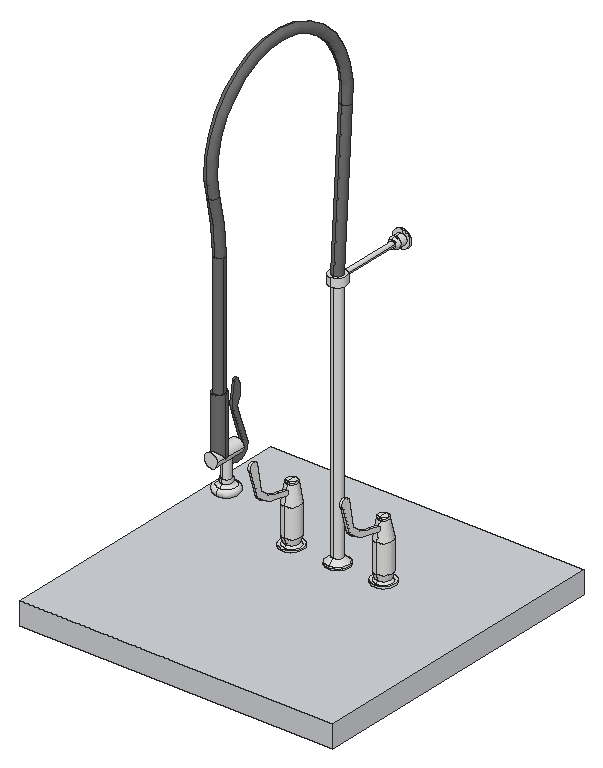
Revit family
Parameters (values of type "TF83HJS")
  WELSRating_ANZRS = "6 star"
  URL = "www.galvinengineering.com.au"
  Type Comments = "Ezy-Wash Pre-Rinse"
  StyleOrType_ANZRS = "Plumbing Fixture"
  PlumbingMaterial_ANZRS = Metal_Taps_DR-Brass-with-Chrome-Finish_10800
  Outlet = "1000mm long high pressure hose with swivel ends"
  ModifiedIssue_ANZRS = 20120721.01  # constant formula
  Model = "TF83HJS"
  Manufacturer = "Galvin Engineering"
  Keynote = "15400"
  Instructions = "http://www.galvinengineering.com.au/Installation_Guides_1.aspx"
  Inlet = "15mm BSP Male"
  FlowRate = 0.075 L/s
  FlexibleHoseMaterial = Rubber_Taps_Black-with-Spring_10800
  FilterObject_ANZRS = "Ezy-Wash"
  DimInletRadius = 7.5 mm  # constant formula
  DimHeight = 1140 mm  # constant formula
  DimAdjustableLength [instance] = 180 mm
  Description = "Hob Mounted Pre-Rinse Exposed Mixing Unit Type 83H"
  Default Elevation = 900 mm
  CreatedBy_ANZRS = "Galvin Engineering"
  CreatedByURL_ANZRS = "www.galvinengineering.com.au"
  CreatedByPhoneNo_ANZRS = "61-8-92495900"
  Assembly Code = "D2010"
Reference planes
  plane 1 "Back": y = 0
  plane 2 "Face": z = 0
  plane 3 "Center (Left/Right)": x = 0
  plane 4 "Top": z = 1140
  plane 5 "CutLength": y = 180
  plane 6: y = 152.411
  plane 7 "Front": y = -310.475
  plane 8 "Left": x = -102.5
  plane 9 "Right": x = 102.5
  plane 10: z = 280
Forms (mm)
  Extrusion 1, solid
    sketch origin (0, -719.2, 0) x (1, 0, 0) y (0, 1, 0)
      loop
        line (-350, 969.2) -> (-350, 269.2) -> (350, 269.2) -> (350, 969.2) -> (-350, 969.2)
    from 0 to -50
  Revolve 2, solid, material "Metal_Taps_DR-Brass-with-Chrome-Finish_10800" <- "PlumbingMaterial_ANZRS"
    sketch origin (0, 0, 0) x (0, 1, 0) y (0, 0, 1)
      loop
        line (0, 580.451) -> (-19, 580.451) -> (-19, 562.451) -> (-11.1, 562.451) -> (-11.1, 14.3) -> (-12.2, 14.3) -> (-24.082, 4.295)
        arc (-24.082, 4.295) -> (-24.87, 3.266) -> (-25.15, 2) r 3
        line (-25.15, 2) -> (-25.15, 0) -> (0, 0) -> (0, 580.451)
      axis (0, 580.451) -> (0, 0)
    angle from 0 to 360
  Revolve 3, solid, material "Metal_Taps_DR-Brass-with-Chrome-Finish_10800" <- "PlumbingMaterial_ANZRS"
    sketch origin (-102.5, 0, 0) x (0, 0, -1) y (0, -1, 0)
      loop
        line (-86.013, -19.05) -> (-22.175, -19.05) -> (-8, -15) -> (-3, -19) -> (-3, -25.4) -> (0, -25.4) -> (0, 0) -> (-132.978, 0)
        arc (-132.978, 0) -> (-132.706, -5.074) -> (-131.894, -10.089) r 47.506
        line (-131.894, -10.089) -> (-130.013, -11.5) -> (-128.013, -11.5) -> (-86.013, -19.05)
      axis (-132.978, 0) -> (0, 0)
    angle from 0 to 360
  Extrusion 4, solid, material "Metal_Taps_DR-Brass-with-Chrome-Finish_10800" <- "PlumbingMaterial_ANZRS"
    sketch origin (-102.5, 0, 33.75) x (0, 0, -1) y (0, -1, 0)
      loop
        arc (-116.164, 89.621) -> (-97.665, 66.141) -> (-88.739, 37.613) r 82.557
        line (-88.739, 37.613) -> (-81.485, 3.488) -> (-70.653, 5.435) -> (-79.077, 45.064)
        arc (-79.077, 45.064) -> (-87.612, 73.542) -> (-104.654, 97.903) r 93.519
        line (-104.654, 97.903) -> (-164.94, 116.838)
        arc (-164.94, 116.838) -> (-178.427, 113.972) -> (-175.56, 100.484) r 9.75
        line (-175.56, 100.484) -> (-116.164, 89.621)
    from -2.5 to 2.5
  Revolve 5, solid, material "Metal_Taps_DR-Brass-with-Chrome-Finish_10800" <- "PlumbingMaterial_ANZRS"
    sketch origin (0, 182.495, 38.919) x (0, 0, 1) y (0, -1, 0)
      loop
        line (532.575, 30.084) -> (523.865, 30.084) -> (520.575, 21.522) -> (520.575, 4.495) -> (512.575, 4.495) -> (512.575, 2.495) -> (532.575, 2.495) -> (532.575, 30.084)
      axis (532.575, 30.084) -> (532.575, 2.495)
    angle from 0 to 360
  Extrusion 6, solid, material "Metal_Taps_DR-Brass-with-Chrome-Finish_10800" <- "PlumbingMaterial_ANZRS"
    sketch origin (0, -573.749, 505.449) x (1, 0, 0) y (0, 0, -1)
      loop
        circle (0, -66.426) r 5
    from 573.749 to 726.16
  Revolve 7, solid, material "Metal_Taps_DR-Brass-with-Chrome-Finish_10800" <- "PlumbingMaterial_ANZRS"
    sketch origin (102.5, 0, 0) x (0, 0, -1) y (0, -1, 0)
      loop
        line (-86.013, -19.05) -> (-22.175, -19.05) -> (-8, -15) -> (-3, -19) -> (-3, -25.4) -> (0, -25.4) -> (0, 0) -> (-132.978, 0)
        arc (-132.978, 0) -> (-132.706, -5.074) -> (-131.894, -10.089) r 47.506
        line (-131.894, -10.089) -> (-130.013, -11.5) -> (-128.013, -11.5) -> (-86.013, -19.05)
      axis (-132.978, 0) -> (0, 0)
    angle from 0 to 360
  Extrusion 8, solid, material "Metal_Taps_DR-Brass-with-Chrome-Finish_10800" <- "PlumbingMaterial_ANZRS"
    sketch origin (102.5, 0, 0) x (0, 0, -1) y (0, 1, 0)
      loop
        line (-149.914, -89.621) -> (-209.31, -100.484)
        arc (-209.31, -100.484) -> (-212.177, -113.972) -> (-198.69, -116.838) r 9.75
        line (-198.69, -116.838) -> (-138.404, -97.903)
        arc (-138.404, -97.903) -> (-121.362, -73.542) -> (-112.827, -45.064) r 93.519
        line (-112.827, -45.064) -> (-104.403, -5.435) -> (-115.235, -3.488) -> (-122.489, -37.613)
        arc (-122.489, -37.613) -> (-131.415, -66.141) -> (-149.914, -89.621) r 82.557
    from -2.5 to 2.5
  Revolve 9, solid, material "Metal_Taps_DR-Brass-with-Chrome-Finish_10800" <- "PlumbingMaterial_ANZRS"
    sketch origin (0, 76, -166.022) x (0, 0, 1) y (0, -1, 0)
      loop
        line (475.022, 398.475) -> (468.022, 398.475)
        arc (468.022, 398.475) -> (462.365, 400.818) -> (460.022, 406.475) r 8
        arc (460.022, 406.475) -> (453.022, 413.475) -> (446.022, 406.475) r 7
        line (446.022, 406.475) -> (446.022, 386.475) -> (526.522, 386.475) -> (526.522, 395.725) -> (475.022, 395.725) -> (475.022, 398.475)
      axis (526.522, 386.475) -> (446.022, 386.475)
    angle from 0 to 360
  Extrusion 10, solid, material "Metal_Taps_DR-Brass-with-Chrome-Finish_10800" <- "PlumbingMaterial_ANZRS"
    sketch origin (0, 320.428, 426.926) x (1, 0, 0) y (0, 0, 1)
      loop
        circle (0, -66.426) r 15
    from 601.678 to 673.678
  Extrusion 11, solid, material "Rubber_Taps_Black_10800"
    sketch origin (0, 76.937, -167.522) x (0, 0, 1) y (0, -1, 0)
      loop
        arc (627.956, 372.705) -> (613.482, 373.415) -> (599.326, 370.32) r 55
        line (599.326, 370.32) -> (532.028, 345.957)
        arc (532.028, 345.957) -> (518.289, 346.32) -> (511.522, 358.283) r 13.957
        line (511.522, 358.283) -> (511.522, 378.095) -> (491.645, 378.095)
        arc (491.645, 378.095) -> (497.617, 375.265) -> (498.15, 368.678) r 6.607
        arc (498.15, 368.678) -> (502.572, 340.003) -> (530.803, 333.309) r 25.979
        line (530.803, 333.309) -> (598.627, 358.859)
        arc (598.627, 358.859) -> (609.29, 360.397) -> (619.611, 357.306) r 25
        arc (619.611, 357.306) -> (641.346, 352.239) -> (662.465, 359.455) r 40.5
        arc (662.465, 359.455) -> (664.088, 363.585) -> (660.899, 366.672) r 4
        line (660.899, 366.672) -> (627.956, 372.705)
    from -2.5 to 2.5
  Extrusion 12, solid, material "Rubber_Taps_Black_10800"
    sketch origin (0, 0, -56.5) x (1, 0, 0) y (0, 1, 0)
      loop
        circle (0, -330.783) r 15
    from 417 to 545.7
  Extrusion 13, solid, material "Rubber_Taps_Black_10800"
    sketch origin (0, 0, -56.5) x (1, 0, 0) y (0, 1, 0)
      loop
        circle (0, -330.783) r 11.1
    from 545.7 to 819.023
  Sweep 14, solid, material "Rubber_Taps_Black-with-Spring_10800" <- "FlexibleHoseMaterial"
    path origin (0, 76, 104.187) x (0, 0, 1) y (0, -1, 0)
      loop
        arc (658.335, 406.783) -> (721.983, 411.136) -> (784.446, 424.115) r 467.457
        arc (784.446, 424.115) -> (1025.004, 253.639) -> (808.411, 53.595) r 189.76
        arc (808.411, 53.595) -> (642.766, 71.138) -> (476.264, 75.893) r 2165
    profile origin (0, -177.639, 1129.191) x (0, -0.064543, 0.997915) y (1, 0, 0)
      loop
        circle (0, 0) r 11.1
Cuts and joins
  joined: Revolve 9, Extrusion 10
  joined: Revolve 2, Extrusion 6
Dimensions and locks
  "DimHeight": plane 4 "Top" to plane 2 "Face"
  "DimAdjustableLength": plane 5 "CutLength" to plane 1 "Back"
  locked: plane 5 "CutLength" to plane 6 at 27.589
  locked: plane 1 "Back" to plane 7 "Front" at 310.475
  locked: plane 8 "Left" to plane 9 "Right" at 205
  locked: plane 2 "Face" to plane 10 at 280
  aligned and locked: plane 2 "Face" to Extrusion 1
  aligned and locked: level to Extrusion 1
Automatic sketch dimensions
  Extrusion 1 sketch curve to Extrusion 1 sketch curve = 700 mm  (x2)
  Revolve 3 sketch curve to plane 1 "Back" = 0 mm  (x2)
  Revolve 3 sketch curve to level = 0 mm
  level to Revolve 3 sketch curve = 3 mm
  Revolve 3 sketch curve to Revolve 3 sketch curve = 5 mm
  Revolve 3 sketch curve to Revolve 3 sketch curve = 14.983 mm
  Revolve 3 sketch curve to Revolve 3 sketch curve = 14.175 mm
  Revolve 3 sketch curve to Revolve 3 sketch curve = 63.297 mm
  Revolve 3 sketch curve to Revolve 3 sketch curve = 0.542 mm
  Revolve 3 sketch curve to plane 1 "Back" = 11.5 mm
  Revolve 3 sketch curve to Revolve 3 sketch curve = 42 mm
  Revolve 3 sketch curve to Revolve 3 sketch curve = 2 mm
  Revolve 3 sketch curve to Revolve 3 sketch curve = 1.881 mm
  Revolve 3 sketch curve to Revolve 3 sketch curve = 1.084 mm
  Revolve 3 sketch curve to level = 94.804 mm
  Revolve 3 sketch curve to plane 1 "Back" = 15 mm
  Revolve 3 sketch curve to Revolve 3 sketch curve = 4 mm
  Revolve 3 sketch curve to Revolve 3 sketch curve = 4.05 mm
  Revolve 3 sketch curve to Revolve 3 sketch curve = 6.4 mm
  plane 10 to Extrusion 4 sketch curve = 70.69 mm
  plane 1 "Back" to Extrusion 4 sketch curve = 32.797 mm
  Extrusion 4 sketch curve to Extrusion 4 sketch curve = 3.773 mm
  Extrusion 4 sketch curve to Extrusion 4 sketch curve = 1.098 mm
  Extrusion 4 sketch curve to Extrusion 4 sketch curve = 5.31 mm  (x2)
  Extrusion 4 sketch curve to Extrusion 4 sketch curve = 48.775 mm
  Extrusion 4 sketch curve to Extrusion 4 sketch curve = 11.511 mm
  plane 1 "Back" to Extrusion 4 sketch curve = 37.613 mm
  Extrusion 4 sketch curve to Extrusion 4 sketch curve = 27.426 mm
  plane 1 "Back" to Extrusion 4 sketch curve = 3.488 mm
  Extrusion 4 sketch curve to Extrusion 4 sketch curve = 7.253 mm
  Extrusion 4 sketch curve to Extrusion 4 sketch curve = 9.662 mm
  plane 1 "Back" to Extrusion 4 sketch curve = 5.435 mm
  Extrusion 4 sketch curve to Extrusion 4 sketch curve = 10.832 mm
  Extrusion 4 sketch curve to Extrusion 4 sketch curve = 5.164 mm
  Extrusion 4 sketch curve to Extrusion 4 sketch curve = 7.451 mm
  Extrusion 4 sketch curve to Extrusion 4 sketch curve = 10.863 mm
  Extrusion 4 sketch curve to Extrusion 4 sketch curve = 8.177 mm
  Revolve 5 sketch curve to plane 5 "CutLength" = 0 mm
  Revolve 5 sketch curve to plane 6 = 0 mm
  Revolve 5 sketch curve to plane 10 = 271.494 mm
  Revolve 5 sketch curve to plane 5 "CutLength" = 2 mm
  Revolve 5 sketch curve to Revolve 5 sketch curve = 8 mm
  Revolve 5 sketch curve to Revolve 5 sketch curve = 3.29 mm
  Revolve 5 sketch curve to Revolve 5 sketch curve = 8.71 mm
  Revolve 5 sketch curve to Revolve 5 sketch curve = 0 mm
  Revolve 5 sketch curve to Revolve 5 sketch curve = 8.344 mm
  Revolve 5 sketch curve to plane 6 = 12.589 mm
  Revolve 5 sketch curve to plane 6 = 8.562 mm
  Extrusion 6 sketch curve to plane 3 "Center (Left/Right)" = 0 mm
  Extrusion 6 sketch curve to plane 10 = 291.875 mm
  Revolve 7 sketch curve to plane 1 "Back" = 0 mm  (x2)
  Revolve 7 sketch curve to level = 0 mm
  Revolve 7 sketch curve to level = 3 mm
  Revolve 7 sketch curve to Revolve 7 sketch curve = 5 mm
  Revolve 7 sketch curve to level = 14.983 mm
  Revolve 7 sketch curve to Revolve 7 sketch curve = 14.175 mm
  Revolve 7 sketch curve to Revolve 7 sketch curve = 63.297 mm
  Revolve 7 sketch curve to Revolve 7 sketch curve = 0.542 mm
  plane 1 "Back" to Revolve 7 sketch curve = 11.5 mm
  Revolve 7 sketch curve to Revolve 7 sketch curve = 42 mm
  Revolve 7 sketch curve to Revolve 7 sketch curve = 2 mm
  Revolve 7 sketch curve to Revolve 7 sketch curve = 1.881 mm
  Revolve 7 sketch curve to Revolve 7 sketch curve = 1.084 mm
  Revolve 7 sketch curve to Revolve 7 sketch curve = 94.804 mm
  plane 1 "Back" to Revolve 7 sketch curve = 15 mm
  Revolve 7 sketch curve to Revolve 7 sketch curve = 4 mm
  Revolve 7 sketch curve to Revolve 7 sketch curve = 4.05 mm
  Revolve 7 sketch curve to Revolve 7 sketch curve = 6.4 mm
  Extrusion 8 sketch curve to plane 10 = 70.69 mm
  Extrusion 8 sketch curve to plane 1 "Back" = 32.797 mm
  Extrusion 8 sketch curve to Extrusion 8 sketch curve = 3.773 mm
  Extrusion 8 sketch curve to Extrusion 8 sketch curve = 1.098 mm
  Extrusion 8 sketch curve to Extrusion 8 sketch curve = 5.31 mm  (x2)
  Extrusion 8 sketch curve to Extrusion 8 sketch curve = 48.775 mm
  Extrusion 8 sketch curve to Extrusion 8 sketch curve = 11.511 mm
  Extrusion 8 sketch curve to plane 1 "Back" = 37.613 mm
  Extrusion 8 sketch curve to Extrusion 8 sketch curve = 27.426 mm
  Extrusion 8 sketch curve to plane 1 "Back" = 3.488 mm
  Extrusion 8 sketch curve to Extrusion 8 sketch curve = 7.253 mm
  Extrusion 8 sketch curve to Extrusion 8 sketch curve = 9.662 mm
  Extrusion 8 sketch curve to plane 1 "Back" = 5.435 mm
  Extrusion 8 sketch curve to Extrusion 8 sketch curve = 10.832 mm
  Extrusion 8 sketch curve to Extrusion 8 sketch curve = 5.164 mm
  Extrusion 8 sketch curve to Extrusion 8 sketch curve = 7.451 mm
  Extrusion 8 sketch curve to Extrusion 8 sketch curve = 10.863 mm
  Extrusion 8 sketch curve to Extrusion 8 sketch curve = 8.177 mm
  Revolve 9 sketch curve to plane 7 "Front" = 0 mm  (x2)
  plane 10 to Revolve 9 sketch curve = 0 mm
  Revolve 9 sketch curve to Revolve 9 sketch curve = 15 mm
  Revolve 9 sketch curve to Revolve 9 sketch curve = 7 mm  (x2)
  Revolve 9 sketch curve to Revolve 9 sketch curve = 0 mm
  Revolve 9 sketch curve to Revolve 9 sketch curve = 8 mm
  Revolve 9 sketch curve to Revolve 9 sketch curve = 6 mm
  Revolve 9 sketch curve to Revolve 9 sketch curve = 45.5 mm
  plane 7 "Front" to Revolve 9 sketch curve = 9.25 mm
  Revolve 9 sketch curve to Revolve 9 sketch curve = 2.75 mm
  Extrusion 10 sketch curve to plane 3 "Center (Left/Right)" = 0 mm
  Extrusion 10 sketch curve to plane 10 = 80.5 mm
  Extrusion 11 sketch curve to plane 7 "Front" = 9.317 mm
  Extrusion 11 sketch curve to plane 10 = 44.123 mm
  Extrusion 11 sketch curve to Extrusion 11 sketch curve = 0.536 mm
  Extrusion 11 sketch curve to Extrusion 11 sketch curve = 5.969 mm
  Extrusion 11 sketch curve to Extrusion 11 sketch curve = 13.372 mm
  Extrusion 11 sketch curve to Extrusion 11 sketch curve = 10.139 mm
  Extrusion 11 sketch curve to Extrusion 11 sketch curve = 3.819 mm
  Extrusion 11 sketch curve to plane 7 "Front" = 54.104 mm
  Extrusion 11 sketch curve to Extrusion 11 sketch curve = 5.324 mm
  Extrusion 11 sketch curve to Extrusion 11 sketch curve = 1.225 mm
  Extrusion 11 sketch curve to plane 7 "Front" = 28.554 mm
  Extrusion 11 sketch curve to Extrusion 11 sketch curve = 66.6 mm
  Extrusion 11 sketch curve to plane 7 "Front" = 17.093 mm
  Extrusion 11 sketch curve to Extrusion 11 sketch curve = 0.699 mm
  Extrusion 11 sketch curve to Extrusion 11 sketch curve = 8.819 mm
  Extrusion 11 sketch curve to Extrusion 11 sketch curve = 10.602 mm
  Extrusion 11 sketch curve to Extrusion 11 sketch curve = 20.983 mm
  Extrusion 11 sketch curve to Extrusion 11 sketch curve = 0 mm
  Extrusion 11 sketch curve to plane 7 "Front" = 14.708 mm
  Extrusion 11 sketch curve to Extrusion 11 sketch curve = 8.345 mm
  plane 7 "Front" to Extrusion 11 sketch curve = 5.276 mm
  Extrusion 11 sketch curve to Extrusion 11 sketch curve = 11.362 mm
  Extrusion 11 sketch curve to Extrusion 11 sketch curve = 32.223 mm
  Extrusion 11 sketch curve to plane 7 "Front" = 20.741 mm
  Extrusion 11 sketch curve to Extrusion 11 sketch curve = 0.721 mm
  Extrusion 11 sketch curve to Extrusion 11 sketch curve = 2.286 mm
  Extrusion 11 sketch curve to Extrusion 11 sketch curve = 12.648 mm
  Extrusion 11 sketch curve to Extrusion 11 sketch curve = 0.657 mm
  Extrusion 12 sketch curve to plane 3 "Center (Left/Right)" = 0 mm
  plane 7 "Front" to Extrusion 12 sketch curve = 20.308 mm
  Extrusion 13 sketch curve to plane 3 "Center (Left/Right)" = 0 mm
  plane 7 "Front" to Extrusion 13 sketch curve = 20.308 mm
  Sweep 14 sketch curve to profile plane = 0 mm  (x2)
  Sweep 14 sketch curve to plane 1 "Back" = 0.107 mm
  Sweep 14 sketch curve to plane 10 = 300.451 mm
  Sweep 14 sketch curve to plane 10 = 321.936 mm
  plane 7 "Front" to Sweep 14 sketch curve = 20.308 mm
  Sweep 14 sketch curve to plane 4 "Top" = 377.478 mm
  plane 7 "Front" to Sweep 14 sketch curve = 37.64 mm
  Sweep 14 sketch curve to Sweep 14 sketch curve = 126.111 mm
  Sweep 14 sketch curve to Sweep 14 sketch curve = 0 mm
  Sweep 14 sketch curve to plane 1 "Back" = 22.405 mm
  Sweep 14 sketch curve to Sweep 14 sketch curve = 332.147 mm
  Revolve 2 sketch curve to level = 0 mm
  Revolve 2 sketch curve to plane 1 "Back" = 0 mm  (x2)
  plane 1 "Back" to Revolve 2 sketch curve = 12.2 mm
  Revolve 2 sketch curve to Revolve 2 sketch curve = 7.9 mm
  level to Revolve 2 sketch curve = 2 mm
  Revolve 2 sketch curve to Revolve 2 sketch curve = 11.05 mm
  level to Revolve 2 sketch curve = 4.295 mm
  Revolve 2 sketch curve to Revolve 2 sketch curve = 1.932 mm
  plane 1 "Back" to Revolve 2 sketch curve = 11.1 mm
  Revolve 2 sketch curve to level = 20 mm
  Revolve 2 sketch curve to Revolve 2 sketch curve = 2 mm
  level to Revolve 2 sketch curve = 14.3 mm
  Revolve 2 sketch curve to plane 10 = 282.451 mm
  Revolve 2 sketch curve to Revolve 2 sketch curve = 18 mm
  radius of Extrusion 6 sketch curve = 5 mm
  radius of Extrusion 10 sketch curve = 15 mm
  radius of Extrusion 12 sketch curve = 15 mm
  radius of Extrusion 13 sketch curve = 11.1 mm
  radius of Sweep 14 sketch curve = 11.1 mm
Connectors
  piping at (-102.5, 0, 0), driven by "FlowRate", driven by "DimInletRadius"
    settings: on Revolve 3, index 1, connector radius 0.29528", flow factor 0, pipe flow 0.075 L/s, pressure drop 0.00 psi, fitting loss kfactor 0, connector angle 0.00°, fixture units 0, flow configuration 1, flow direction 1, fitting loss method 4, system type 19, connector reference index -1, connector utility 0, adjustable connector no, is connector primary yes, fitting loss table "", connector description "Inlet"
  piping at (102.5, 0, 0), driven by "FlowRate", driven by "DimInletRadius"
    settings: on Revolve 7, index 2, connector radius 0.29528", flow factor 0, pipe flow 0.075 L/s, pressure drop 0.00 psi, fitting loss kfactor 0, connector angle 0.00°, fixture units 0, flow configuration 1, flow direction 1, fitting loss method 4, system type 20, connector reference index -1, connector utility 0, adjustable connector no, is connector primary no, fitting loss table "", connector description "Inlet"
